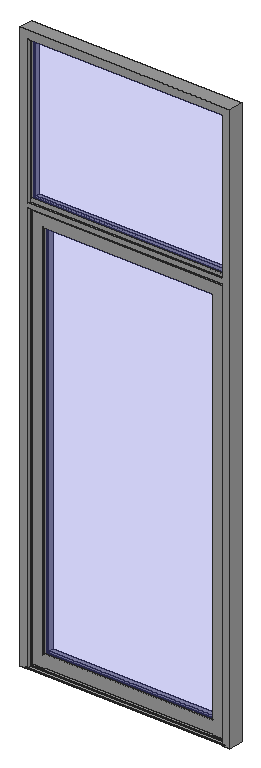
Revit family "SINGLE OUTSWINGING TERRACE DOOR WITH TRANSOM WITHOUT KICKPLATE_Arc", category Doors, host Wall, Revit 2017
Family settings
  Host = Wall
  OmniClass Number = 23.30.10.00
  OmniClass Title = Doors
  Always vertical = Yes
  Cut with Voids When Loaded = No
  Shared = No
  Room Calculation Point = No
Parameters
  Wall Thickness [instance] = 0' - 6"
  URL = "obe.com"
  Transom Height = 3' - 0"
  Rough Width = Width + 0' 0 1/2"  # 4' - 0 1/2"
  Rough Height = Height + 0' 0 1/4"  # 11' - 0 1/4"
  Operable Height = 8' - 0"
  Offset Limitation [instance] = if((Offset + 0' 3 1/4") > Wall Thickness, (Wall Thickness - 0' 3 1/4"), Offset)  # 0' - 2 3/4"
  Offset [instance] = 1' - 0"
  Model = "TS-AS"
  Manufacturer = "Oldcastle BuildingEnvelope®"
  Keynote = "08 11 00"
  Glass Material = Glass
  Function = Interior
  Height = Operable Height + Transom Height  # 11' - 0"
  Wall Closure = By host
  Width = 4' - 0"
  Frame Material = Aluminum
  Description = "TERRASWING ACCESS-SINGLE OUTSWINGING TERRACE DOOR WITH TRANSOM WITHOUT KICKPLATE"
  Assembly Code = "B2030"
  Analytic Construction = "<None>"
Reference planes (in)
  plane 1 "Center (Front/Back)": y = 0
  plane 2 "Center (Left/Right)": x = 0
  plane 3 "Left": x = -24.25
  plane 4 "Right": x = 24.25
  plane 5 "Top": z = 132.25
  plane 6 "Exterior": y = 3
  plane 7 "Interior": y = -3
  plane 8: z = 132
  plane 9: x = 24
  plane 10: x = -24
  plane 11: z = 0.25
  plane 12 "Offset": y = 0.25
  plane 13 "Center": z = 96
  plane 14: z = 130.75
  plane 15: z = 96.75
  plane 16: z = 92.4375
  plane 17: z = 3.37235
  plane 18: z = 48
  plane 19 "INT": y = -0.75
Forms (in)
  Sweep 1, solid, material "Aluminum" <- "Frame Material"
    path origin (0, 0.25, 0) x (1, 0, 0) y (0, 0, 1)
      loop
        line (-24, 0) -> (-24, 96)
    profile origin (-24, 0.25, 48) x (-1, 0, 0) y (0, -1, 0)
      loop
        line (0.25, 3.25) -> (-1.5, 3.25) -> (-1.5, 2.53172) -> (-1.75038, 2.53172) -> (-1.75038, 2.33397) -> (-1, 2.33397) -> (-1, 0.3035) -> (-0.1875, 0.3035) -> (-0.1875, 0) -> (0.25, 0) -> (0.25, 3.25)
  Sweep 2, solid, material "Aluminum" <- "Frame Material"
    path origin (0, 0.25, 0) x (1, 0, 0) y (0, 0, 1)
      loop
        line (24, 0) -> (24, 96)
    profile origin (24, 0.25, 48) x (-1, 0, 0) y (0, -1, 0)
      loop
        line (-0.25, 3.24926) -> (-0.25, 0) -> (0.18896, 0) -> (0.18896, 0.30259) -> (1, 0.30259) -> (1, 2.33358) -> (1.75, 2.33358) -> (1.75, 2.53108) -> (1.5, 2.53108) -> (1.5, 3.24926) -> (-0.25, 3.24926)
  Sweep 3, solid, material "Aluminum" <- "Frame Material"
    path origin (0, 0.25, 0) x (1, 0, 0) y (0, 0, 1)
      loop
        line (24, 96) -> (24, 132.25038)
    profile origin (24, 0.25, 114.12519) x (-1, 0, 0) y (0, -1, 0)
      loop
        line (1.50038, 3.24979) -> (-0.25, 3.24979) -> (-0.25, 0) -> (0.18731, 0) -> (0.18731, 0.30326) -> (1.75038, 0.30326) -> (1.75038, 1.20904) -> (1.18876, 1.20904) -> (1.18876, 2.20883) -> (1.75038, 2.20883) -> (1.75038, 2.53117) -> (1.50038, 2.53117) -> (1.50038, 3.24979)
  Extrusion 4, solid, material "Glass" <- "Glass Material"
    sketch origin (0, 0, 0) x (1, 0, 0) y (0, 1, 0)
      loop
        line (-19.9385, -0.75) -> (-19.9385, -1.75) -> (19.9385, -1.75) -> (19.9385, -0.75) -> (-19.9385, -0.75)
    from 3.37235 to 92.4375
  Extrusion 5, solid, material "Glass" <- "Glass Material"
    sketch origin (0, 0, 0) x (1, 0, 0) y (0, 1, 0)
      loop
        line (-22.81195, -1.95904) -> (22.81124, -1.95904) -> (22.81124, -0.95904) -> (-22.81195, -0.95904) -> (-22.81195, -1.95904)
    from 96.75 to 130.81195
  Sweep 6, solid, material "Aluminum" <- "Frame Material"
    path origin (0, 0.25, 0) x (1, 0, 0) y (0, 0, 1)
      loop
        line (24.25, 132) -> (-24.25, 132)
    profile origin (0, 0.25, 132) x (0, 0, -1) y (0, -1, 0)
      loop
        line (-0.25038, 3.25) -> (-0.25038, 0) -> (0.1875, 0) -> (0.1875, 0.3035) -> (1.75, 0.3035) -> (1.75, 1.20904) -> (1.18805, 1.20904) -> (1.18805, 2.20904) -> (1.75, 2.20904) -> (1.75, 2.53172) -> (1.5, 2.53172) -> (1.5, 3.25) -> (-0.25038, 3.25)
  Sweep 7, solid, material "Aluminum" <- "Frame Material"
    path origin (0, 0.25, 0) x (1, 0, 0) y (0, 0, 1)
      loop
        line (23, 0.25) -> (-22.99766, 0.25)
    profile origin (0.00117, 0.25, 0.25) x (0, 0, -1) y (0, -1, 0)
      loop
        line (0.25, 0) -> (0.25, 3.25) -> (-0.00002, 3.25) -> (-0.25404, 2.74196) -> (-0.31515, 2.67947) -> (-0.31515, 0.64294) -> (0.00632, 0) -> (0.25, 0)
  Sweep 8, solid, material "Aluminum" <- "Frame Material"
    path origin (0, 0.25, 0) x (1, 0, 0) y (0, 0, 1)
      loop
        line (-24, 132.25038) -> (-24, 96)
    profile origin (-24, 0.25, 114.12519) x (0, -1, 0) y (1, 0, 0)
      loop
        line (3.25, 1.5) -> (2.53172, 1.5) -> (2.53172, 1.75038) -> (2.20904, 1.75038) -> (2.20904, 1.18805) -> (1.20904, 1.18805) -> (1.20904, 1.75038) -> (0.3035, 1.75038) -> (0.3035, 0.1875) -> (0, 0.1875) -> (0, -0.25) -> (3.25, -0.25) -> (3.25, 1.5)
  Sweep 9, solid, material "Aluminum" <- "Frame Material"
    path origin (0, 0.25, 0) x (1, 0, 0) y (0, 0, 1)
      loop
        line (-22.24218, 96) -> (22.24218, 96)
    profile origin (0, 0.25, 96) x (0, 0, 1) y (0, -1, 0)
      loop
        line (-0.95246, 0.16569) -> (-0.95246, 1.16187) -> (-1.2578, 1.16187) -> (-1.2578, 2.10675) -> (-0.99998, 2.10675) -> (-0.99998, 2.25) -> (-4.0625, 2.25) -> (-4.0625, 2) -> (-3.5625, 2) -> (-3.5625, 1) -> (-4.0625, 1) -> (-4.0625, 0) -> (-0.24999, 0) -> (-0.24999, 0.16569) -> (-0.95246, 0.16569)
  Sweep 10, solid, material "Aluminum" <- "Frame Material"
    path origin (0, 0.25, 0) x (1, 0, 0) y (0, 0, 1)
      loop
        line (22.24218, 0) -> (-22.24218, 0)
    profile origin (0, 0.25, 0) x (0, 0, -1) y (0, -1, 0)
      loop
        line (-3.87235, 0.00007) -> (-0.76261, 0.00007) -> (-0.76261, 1.16187) -> (-1.06767, 1.16187) -> (-1.06767, 2.10675) -> (-0.80985, 2.10675) -> (-0.80985, 2.25004) -> (-3.87235, 2.25004) -> (-3.87235, 2.00007) -> (-3.37235, 2.00007) -> (-3.37235, 1.00007) -> (-3.87235, 1.00007) -> (-3.87235, 0.00007)
  Sweep 11, solid, material "Aluminum" <- "Frame Material"
    path origin (0, 0.25, 0) x (1, 0, 0) y (0, 0, 1)
      loop
        line (24.25, 0.76261) -> (24.25, 95.75001)
    profile origin (24.25, 0.25, 48.25631) x (-1, 0, 0) y (0, -1, 0)
      loop
        line (4.8125, 2.00004) -> (4.8125, 2.25) -> (1.75, 2.25) -> (1.75, 2.10671) -> (2.00782, 2.10671) -> (2.00782, 1.16183) -> (1.70318, 1.16183) -> (1.70318, 0.16569) -> (1.00001, 0.16569) -> (1.00001, 0) -> (4.8115, 0) -> (4.8115, 1.008) -> (4.3115, 1.008) -> (4.3115, 2.00004) -> (4.8125, 2.00004)
  Sweep 12, solid, material "Aluminum" <- "Frame Material"
    path origin (0, 0.25, 0) x (1, 0, 0) y (0, 0, 1)
      loop
        line (-24, 0.76261) -> (-24, 95.75001)
    profile origin (-24, 0.25, 48.25631) x (-1, 0, 0) y (0, -1, 0)
      loop
        line (-0.75, 0.16565) -> (-1.45276, 0.16565) -> (-1.45276, 1.16183) -> (-1.75782, 1.16183) -> (-1.75782, 2.10671) -> (-1.5, 2.10671) -> (-1.5, 2.25) -> (-4.5625, 2.25) -> (-4.5625, 2.00004) -> (-4.0615, 2.00004) -> (-4.0615, 1.008) -> (-4.5625, 1.008) -> (-4.5625, 0) -> (-0.75, 0) -> (-0.75, 0.16565)
  Sweep 13, solid, material "Aluminum" <- "Frame Material"
    path origin (0, 0.25, 0) x (1, 0, 0) y (0, 0, 1)
      loop
        line (-23.25, 96) -> (23.24999, 96)
    profile origin (-0.00001, 0.25, 96) x (0, 0, 1) y (0, -1, 0)
      loop
        line (-0.49999, 0.3035) -> (0, 0.3035) -> (0, 0) -> (0.13729, 0) -> (0.3033, 0.3035) -> (1.25002, 0.3035) -> (1.25002, 1.20904) -> (0.68806, 1.20904) -> (0.68806, 2.20906) -> (1.25001, 2.20906) -> (1.25001, 2.53172) -> (0.50001, 2.53172) -> (0.50001, 3.25) -> (-0.49999, 3.25) -> (-0.49999, 2.53172) -> (-1.24999, 2.53172) -> (-1.24999, 2.33404) -> (-0.49999, 2.33404) -> (-0.49999, 0.3035)
  Sweep 14, void
    path origin (0, 0.25, 0) x (1, 0, 0) y (0, 0, 1)
      loop
        line (24, 0.76261) -> (24, 96) -> (-24, 96) -> (-24, 0.76261)
    profile origin (0, 0.25, 96) x (0, 0, -1) y (0, -1, 0)
      loop
        line (0.95273, 0.16569) -> (0.95273, 1.16187) -> (1.2578, 1.16187) -> (1.2578, 2.10675) -> (0.99998, 2.10675) -> (0.99998, 2.25004) -> (0.24999, 2.25004) -> (0.24999, 0.16569) -> (0.95273, 0.16569)
  Sweep 15, void
    path origin (0, 0.25, 0) x (1, 0, 0) y (0, 0, 1)
      loop
        line (22.24218, 0.25) -> (-22.24218, 0.25)
    profile origin (0, 0.25, 0.25) x (0, 0, -1) y (0, -1, 0)
      loop
        line (-0.51261, 1.16187) -> (-0.51261, 2.10675) -> (-0.81767, 2.10675) -> (-0.81767, 1.16187) -> (-0.51261, 1.16187)
Cuts and joins
  Sweep 14, Sweep 15 cuts Sweep 9
  Sweep 14, Sweep 15 cuts Sweep 10
  Sweep 14, Sweep 15 cuts Sweep 11
  Sweep 14, Sweep 15 cuts Sweep 12
  joined: Sweep 9, Sweep 10, Sweep 11, Sweep 12
  Sweep 15 cuts Sweep 1
  Sweep 15 cuts Sweep 2
  Sweep 15 cuts Sweep 3
  Sweep 15 cuts Sweep 6
  Sweep 15 cuts Sweep 8
  Sweep 15 cuts Sweep 13
  joined: Sweep 1, Sweep 2, Sweep 3, Sweep 6, Sweep 8, Sweep 13
Lines and regions (in)
  Opening 1
    outline origin (-90, -3, 0) x (1, 0, 0) y (0, 0, 1)
      loop
        line (65.75, 0) -> (114.25, 0) -> (114.25, 132.25) -> (65.75, 132.25) -> (65.75, 0)
  model lines, style "DoorsHiddenLines"
    curve 1: line (-19.4375, -0.75, 91.9375) -> (19.4375, -0.75, 48)
    curve 2: line (19.4375, -0.75, 48) -> (-19.4375, -0.75, 3.87335)
Text (in)
  text "Exterior" at (-74.96733, 27.31104, 0), in view "Ref. Level"
  text "Interior" at (-74.96733, -25.14366, 0), in view "Ref. Level"
  text "Exterior" at (0, 40.15149, 123.01588), in view "Right"
  text "Interior" at (0, -64.39139, 123.01588), in view "Right"
  text "Interior" at (0, -31.01599, 123.00693), in view "Left"
  text "Exterior" at (0, 54.57065, 123.00693), in view "Left"
Dimensions and locks (in)
  equal spacing: plane 3 "Left", plane 2 "Center (Left/Right)", plane 4 "Right"
  locked: level to plane 11 at 0.25
  locked: plane 9 to plane 4 "Right" at 0.25
  "Width": plane 10 to plane 9
  "Rough Width": plane 3 "Left" to plane 4 "Right"
  "Offset Limitation": plane 12 "Offset" to plane 6 "Exterior"
  "Wall Thickness": host wall to host wall
  plane 15 to plane 13 "Center" to plane 16 = 0' - 0 3/4" locked, 0' - 3 9/16" locked
  locked: plane 8 to plane 14 at 1.25
  equal spacing: level, plane 18, plane 13 "Center"
  locked: plane 12 "Offset" to plane 19 "INT" at 1
  locked: plane 3 "Left" to Extrusion 4 sketch curve at 4.3115
  locked: Extrusion 4 sketch curve to plane 4 "Right" at 4.3115
  locked: plane 3 "Left" to Extrusion 5 sketch curve at 1.43805
  locked: Sweep 11 sketch curve to plane 15 at 0.99999
  locked: level to Sweep 11 sketch curve at 0.76261
  locked: Sweep 12 sketch curve to plane 15 at 0.99999
  locked: level to Sweep 12 sketch curve at 0.76261
  locked: plane 3 "Left" to Sweep 9 sketch curve at 2.00782
  locked: Sweep 9 sketch curve to plane 4 "Right" at 2.00782
  locked: plane 3 "Left" to Sweep 7 sketch curve at 1.25234
  locked: Sweep 7 sketch curve to plane 4 "Right" at 1.25
  Extrusion 4 sketch curve to Extrusion 4 sketch curve to plane 12 "Offset" = 0' - 1" locked, 0' - 1" locked
  Extrusion 5 sketch curve to Extrusion 5 sketch curve to plane 12 "Offset" = 0' - 1" locked, 0' - 1.20904" locked
  locked: plane 17 to level at 3.37235
  locked: plane 5 "Top" to Extrusion 5 at 1.43805
  locked: Sweep 10 sketch curve to plane 9 at 1.75782
  locked: plane 10 to Sweep 10 sketch curve at 1.75782
  "Operable Height": level to plane 13 "Center"
  "Transom Height": plane 13 "Center" to plane 8
  "Rough Height": level to plane 5 "Top"
  locked: Sweep 13 sketch curve to plane 9 at 0.75001
  locked: plane 10 to Sweep 13 sketch curve at 0.75
  locked: plane 11 to Sweep 14 sketch curve at 0.51261  (x2)
  locked: Sweep 15 sketch curve to plane 9 at 1.75782
  locked: plane 10 to Sweep 15 sketch curve at 1.75782
  aligned and locked: plane 3 "Left" to Opening 1 sketch curve
  aligned and locked: plane 5 "Top" to Opening 1 sketch curve  (x2)
  aligned and locked: Opening 1 sketch curve to plane 4 "Right"
  aligned and locked: Opening 1 sketch curve to level
  aligned and locked: plane 6 "Exterior" to host wall
  aligned and locked: plane 7 "Interior" to host wall
  aligned and locked: plane 16 to Extrusion 4
  aligned and locked: Extrusion 5 to plane 15
  aligned and locked: Sweep 9 sketch curve to plane 13 "Center"
  aligned and locked: Sweep 10 sketch curve to level
  aligned and locked: plane 4 "Right" to Sweep 11 sketch curve
  aligned and locked: plane 18 to curve 2
  aligned and locked: Extrusion 4 to plane 17
  aligned and locked: plane 13 "Center" to Sweep 14 sketch curve
  aligned and locked: plane 11 to Sweep 15 sketch curve
  aligned and locked: Sweep 14 sketch curve to plane 10
  aligned and locked: Sweep 14 sketch curve to plane 9
Automatic sketch dimensions
  plane 10 to Sweep 1 sketch curve = 0' - 0"
  Sweep 1 sketch curve to level = 0' - 0"
  Sweep 1 sketch curve to plane 13 "Center" = 0' - 0"
  plane 9 to Sweep 2 sketch curve = 0' - 0"
  Sweep 2 sketch curve to level = 0' - 0"
  Sweep 2 sketch curve to plane 13 "Center" = 0' - 0"
  plane 9 to Sweep 3 sketch curve = 0' - 0"
  Sweep 3 sketch curve to plane 13 "Center" = 0' - 0"
  Sweep 3 sketch curve to plane 5 "Top" = 0' - 0.00038"
  plane 3 "Left" to Sweep 6 sketch curve = 0' - 0"
  plane 4 "Right" to Sweep 6 sketch curve = 0' - 0"
  Sweep 6 sketch curve to plane 8 = 0' - 0"
  plane 10 to Sweep 8 sketch curve = 0' - 0"
  Sweep 8 sketch curve to plane 13 "Center" = 0' - 0"
  Sweep 8 sketch curve to plane 5 "Top" = 0' - 0.00038"
  plane 9 to curve 2 = 0' - 4 9/16"
  curve 1 to plane 16 = 0' - 0 1/2"
  curve 1 to plane 10 = 0' - 4 9/16"
  curve 2 to plane 10 = 0' - 4 9/16"
  plane 17 to curve 2 = 0' - 0.501"
  plane 10 to Sweep 12 sketch curve = 0' - 0"
  plane 9 to Extrusion 5 sketch curve = 0' - 1.18876"
  Sweep 7 sketch curve to plane 11 = 0' - 0"
  profile plane to Sweep 1 sketch curve = 0' - 1.75038"
  Sweep 1 sketch curve to Sweep 1 sketch curve = 0' - 0.25038"
  Sweep 1 sketch curve to Sweep 1 sketch curve = 0' - 0 1/2"
  profile plane to Sweep 1 sketch curve = 0' - 0 3/16"
  Sweep 1 sketch curve to profile plane = 0' - 0 1/4"
  Sweep 1 sketch curve to plane 12 "Offset" = 0' - 0"
  Sweep 1 sketch curve to Sweep 1 sketch curve = 0' - 0.3035"
  plane 12 "Offset" to Sweep 1 sketch curve = 0' - 2.33397"
  Sweep 1 sketch curve to Sweep 1 sketch curve = 0' - 0.19776"
  Sweep 1 sketch curve to Sweep 1 sketch curve = 0' - 0.71828"
  profile plane to Sweep 2 sketch curve = 0' - 0 1/4"
  Sweep 2 sketch curve to profile plane = 0' - 0.18896"
  Sweep 2 sketch curve to Sweep 2 sketch curve = 0' - 0.81104"
  Sweep 2 sketch curve to Sweep 2 sketch curve = 0' - 0 1/2"
  Sweep 2 sketch curve to Sweep 2 sketch curve = 0' - 0 1/4"
  Sweep 2 sketch curve to plane 12 "Offset" = 0' - 0"
  plane 12 "Offset" to Sweep 2 sketch curve = 0' - 0.30259"
  plane 12 "Offset" to Sweep 2 sketch curve = 0' - 2.33358"
  Sweep 2 sketch curve to Sweep 2 sketch curve = 0' - 0.1975"
  Sweep 2 sketch curve to Sweep 2 sketch curve = 0' - 0.71818"
  Sweep 12 sketch curve to plane 12 "Offset" = 0' - 0"
  profile plane to Sweep 12 sketch curve = 0' - 4 9/16"
  Sweep 12 sketch curve to Sweep 12 sketch curve = 0' - 0"
  Sweep 12 sketch curve to Sweep 12 sketch curve = 0' - 0.501"
  profile plane to Sweep 12 sketch curve = 0' - 1 1/2"
  Sweep 12 sketch curve to Sweep 12 sketch curve = 0' - 0.70276"
  Sweep 12 sketch curve to Sweep 12 sketch curve = 0' - 0.16565"
  Sweep 12 sketch curve to Sweep 12 sketch curve = 0' - 0.99204"
  Sweep 12 sketch curve to Sweep 12 sketch curve = 0' - 0.24996"
  Sweep 11 sketch curve to profile plane = 0' - 1"
  Sweep 11 sketch curve to Sweep 11 sketch curve = 0' - 0.70316"
  plane 12 "Offset" to Sweep 11 sketch curve = 0' - 2.00004"
  Sweep 11 sketch curve to Sweep 11 sketch curve = 0' - 2.60832"
  Sweep 11 sketch curve to Sweep 11 sketch curve = 0' - 0 1/2"
  Sweep 11 sketch curve to Sweep 11 sketch curve = 0' - 0.501"
  plane 12 "Offset" to Sweep 11 sketch curve = 0' - 1.008"
  plane 12 "Offset" to Sweep 11 sketch curve = 0' - 0.16569"
  Sweep 11 sketch curve to plane 12 "Offset" = 0' - 0"
  Sweep 11 sketch curve to Sweep 11 sketch curve = 0' - 0.24996"
  Sweep 8 sketch curve to profile plane = 0' - 0 3/16"
  Sweep 8 sketch curve to plane 12 "Offset" = 0' - 0"
  Sweep 8 sketch curve to Sweep 8 sketch curve = 0' - 0.3035"
  plane 12 "Offset" to Sweep 8 sketch curve = 0' - 1.20904"
  Sweep 8 sketch curve to Sweep 8 sketch curve = 0' - 1"
  Sweep 8 sketch curve to Sweep 8 sketch curve = 0' - 0.32269"
  Sweep 8 sketch curve to Sweep 8 sketch curve = 0' - 0.71828"
  profile plane to Sweep 8 sketch curve = 0' - 0 1/4"
  Sweep 8 sketch curve to profile plane = 0' - 1.18805"
  Sweep 8 sketch curve to Sweep 8 sketch curve = 0' - 0.31195"
  Sweep 8 sketch curve to Sweep 8 sketch curve = 0' - 0.56233"
  Sweep 8 sketch curve to Sweep 8 sketch curve = 0' - 0.25038"
  plane 12 "Offset" to Sweep 10 sketch curve = 0' - 0.00007"
  profile plane to Sweep 10 sketch curve = 0' - 3.87235"
  Sweep 10 sketch curve to Sweep 10 sketch curve = 0' - 0"
  Sweep 10 sketch curve to Sweep 10 sketch curve = 0' - 0 1/2"
  profile plane to Sweep 10 sketch curve = 0' - 0.80985"
  plane 12 "Offset" to Sweep 10 sketch curve = 0' - 1.00007"
  plane 12 "Offset" to Sweep 10 sketch curve = 0' - 2.00007"
  plane 12 "Offset" to Sweep 10 sketch curve = 0' - 2.25004"
  plane 12 "Offset" to Sweep 7 sketch curve = 0' - 3 1/4"
  profile plane to Sweep 7 sketch curve = 0' - 0.31515"
  Sweep 7 sketch curve to Sweep 7 sketch curve = 0' - 0.06111"
  profile plane to Sweep 7 sketch curve = 0' - 0"
  Sweep 7 sketch curve to profile plane = 0' - 0.00632"
  Sweep 7 sketch curve to profile plane = 0' - 0 1/4"
  plane 12 "Offset" to Sweep 7 sketch curve = 0' - 2.74196"
  Sweep 7 sketch curve to Sweep 7 sketch curve = 0' - 0 1/16"
  Sweep 7 sketch curve to Sweep 7 sketch curve = 0' - 2.03653"
  Sweep 7 sketch curve to Sweep 7 sketch curve = 0' - 0.64294"
  profile plane to Sweep 9 sketch curve = 0' - 4 1/16"
  Sweep 9 sketch curve to Sweep 9 sketch curve = 0' - 0"
  Sweep 9 sketch curve to Sweep 9 sketch curve = 0' - 0 1/2"
  profile plane to Sweep 9 sketch curve = 0' - 0.95246"
  profile plane to Sweep 9 sketch curve = 0' - 0 1/4"
  plane 12 "Offset" to Sweep 9 sketch curve = 0' - 1"
  plane 12 "Offset" to Sweep 9 sketch curve = 0' - 0.16569"
  Sweep 9 sketch curve to Sweep 9 sketch curve = 0' - 0.16569"
  Sweep 9 sketch curve to Sweep 9 sketch curve = 0' - 0 1/4"
  Sweep 6 sketch curve to plane 12 "Offset" = 0' - 0"
  profile plane to Sweep 6 sketch curve = 0' - 0.25038"
  Sweep 6 sketch curve to profile plane = 0' - 0 3/16"
  Sweep 6 sketch curve to profile plane = 0' - 1.18805"
  Sweep 6 sketch curve to Sweep 6 sketch curve = 0' - 0.31195"
  Sweep 6 sketch curve to Sweep 6 sketch curve = 0' - 0 1/4"
  plane 12 "Offset" to Sweep 6 sketch curve = 0' - 0.3035"
  Sweep 6 sketch curve to Sweep 6 sketch curve = 0' - 0.56195"
  Sweep 6 sketch curve to Sweep 6 sketch curve = 0' - 0.90554"
  Sweep 6 sketch curve to Sweep 6 sketch curve = 0' - 1"
  Sweep 6 sketch curve to Sweep 6 sketch curve = 0' - 0.32269"
  Sweep 6 sketch curve to Sweep 6 sketch curve = 0' - 1.04096"
  Sweep 13 sketch curve to plane 13 "Center" = 0' - 0"
  profile plane to Sweep 13 sketch curve = 0' - 0"
  Sweep 13 sketch curve to plane 12 "Offset" = 0' - 0"
  profile plane to Sweep 13 sketch curve = 0' - 0 1/2"  (x2)
  Sweep 13 sketch curve to Sweep 13 sketch curve = 0' - 0 3/4"
  Sweep 13 sketch curve to profile plane = 0' - 0.13729"
  Sweep 13 sketch curve to profile plane = 0' - 0.3033"
  Sweep 13 sketch curve to profile plane = 0' - 0 1/2"
  Sweep 13 sketch curve to profile plane = 0' - 0.68806"
  Sweep 13 sketch curve to Sweep 13 sketch curve = 0' - 0.56195"
  plane 12 "Offset" to Sweep 13 sketch curve = 0' - 0.3035"
  Sweep 13 sketch curve to Sweep 13 sketch curve = 0' - 0.94672"
  Sweep 13 sketch curve to Sweep 13 sketch curve = 0' - 0"
  Sweep 13 sketch curve to Sweep 13 sketch curve = 0' - 0.90554"
  Sweep 13 sketch curve to Sweep 13 sketch curve = 0' - 1 1/8"
  Sweep 13 sketch curve to Sweep 13 sketch curve = 0' - 1.32269"
  Sweep 13 sketch curve to Sweep 13 sketch curve = 0' - 0.19769"
  Sweep 13 sketch curve to Sweep 13 sketch curve = 0' - 0.71828"
  Sweep 13 sketch curve to Sweep 13 sketch curve = 0' - 0.32266"
  plane 12 "Offset" to Sweep 3 sketch curve = 0' - 0"
  profile plane to Sweep 3 sketch curve = 0' - 0 1/4"
  Sweep 3 sketch curve to profile plane = 0' - 0.18731"
  Sweep 3 sketch curve to profile plane = 0' - 1.18876"
  Sweep 3 sketch curve to Sweep 3 sketch curve = 0' - 0.31161"
  Sweep 3 sketch curve to Sweep 3 sketch curve = 0' - 0.56161"
  Sweep 3 sketch curve to Sweep 3 sketch curve = 0' - 0 1/4"
  plane 12 "Offset" to Sweep 3 sketch curve = 0' - 0.30326"
  Sweep 3 sketch curve to Sweep 3 sketch curve = 0' - 0.90577"
  Sweep 3 sketch curve to Sweep 3 sketch curve = 0' - 0.99979"
  Sweep 3 sketch curve to Sweep 3 sketch curve = 0' - 0.32235"
  Sweep 3 sketch curve to Sweep 3 sketch curve = 0' - 0.71862"
  Sweep 12 sketch curve to Sweep 12 sketch curve = 0' - 0.99618"
  Sweep 12 sketch curve to Sweep 12 sketch curve = 0' - 0.94488"
  Sweep 12 sketch curve to Sweep 12 sketch curve = 0' - 0.04724"
  Sweep 12 sketch curve to Sweep 12 sketch curve = 0' - 0 33/128"
  Sweep 12 sketch curve to Sweep 12 sketch curve = 0' - 0.14329"
  Sweep 11 sketch curve to Sweep 11 sketch curve = 0' - 0.30464"
  Sweep 11 sketch curve to Sweep 11 sketch curve = 0' - 0.99614"
  Sweep 11 sketch curve to Sweep 11 sketch curve = 0' - 0.94488"
  Sweep 11 sketch curve to Sweep 11 sketch curve = 0' - 0.04682"
  Sweep 9 sketch curve to Sweep 9 sketch curve = 0' - 0.99618"
  Sweep 9 sketch curve to Sweep 9 sketch curve = 0' - 0.30533"
  Sweep 9 sketch curve to Sweep 9 sketch curve = 0' - 0.94488"
  Sweep 9 sketch curve to Sweep 9 sketch curve = 0' - 0.04751"
  Sweep 9 sketch curve to Sweep 9 sketch curve = 0' - 0.14325"
  Sweep 10 sketch curve to Sweep 10 sketch curve = 0' - 0.30506"
  Sweep 10 sketch curve to Sweep 10 sketch curve = 0' - 1.08817"
  Sweep 10 sketch curve to Sweep 10 sketch curve = 0' - 0.14329"
  Sweep 10 sketch curve to Sweep 10 sketch curve = 0' - 0 33/128"
  plane 12 "Offset" to Sweep 14 sketch curve = 0' - 0.16569"
  Sweep 14 sketch curve to profile plane = 0' - 0.95273"
  Sweep 14 sketch curve to Sweep 14 sketch curve = 0' - 0.99618"
  Sweep 14 sketch curve to Sweep 14 sketch curve = 0' - 0.30506"
  Sweep 14 sketch curve to Sweep 14 sketch curve = 0' - 0.94488"
  Sweep 14 sketch curve to Sweep 14 sketch curve = 0' - 0 33/128"
  Sweep 14 sketch curve to Sweep 14 sketch curve = 0' - 0.14329"
  Sweep 14 sketch curve to profile plane = 0' - 0 1/4"
  plane 12 "Offset" to Sweep 15 sketch curve = 0' - 1.16187"
  profile plane to Sweep 15 sketch curve = 0' - 0.81767"
  profile plane to Sweep 15 sketch curve = 0' - 0.51261"
  Sweep 15 sketch curve to Sweep 15 sketch curve = 0' - 0.94488"
